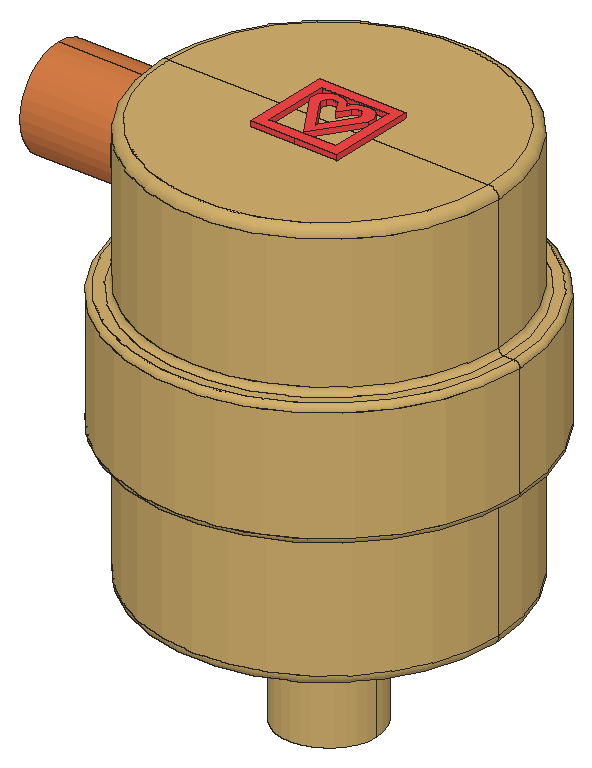
Revit family "Entlüfter 2630 10", category Rohrzubehör, Revit 2018
Family settings
  Bemaßung runder Anschluss = Durchmesser verwenden
  Teiletyp = Normal
  OmniClass-Nummer = 23.65.55.14
  OmniClass-Titel = Valves for Liquid Services
  Arbeitsebenenbasiert = Nein
  Immer vertikal = Ja
  Beim Laden mit Abzugskörper schneiden = Nein
  Gemeinsam genutzt = Nein
Parameters
  Schwimmer = "Polypropylen"  # constant formula
  SCRNSEQ = "AWI;AWI_TYP=\"1013\";1"
  SCRNCODE = "05;14;01"  # constant formula
  S03 = 24.500 mm  # constant formula
  S02 = 11.000 mm  # constant formula
  S01 = 56.000 mm  # constant formula
  Min.Betriebstemperatur = 0 °C  # constant formula
  Max.Sturkturdruck = 1000000.0 Pa  # constant formula
  Max.Betriebstemperatur = 110 °C  # constant formula
  URL = "www.herz-armaturen.at"
  R02 = 0.600 mm  # constant formula
  R01 = 1.000 mm  # constant formula
  Nennweite [instance] = 10.000 mm  # constant formula
  Medium = "Heizungswasser nach ÖNORM H5195 oder VDI- Richtlinie 2035. Die Verwendung von Ethylen- oder Propyleneglykol in einem Mischungsverhältnis von 25 - 50% ist zulässig. EPDM-Dichtungen können durch Mineralöle und Schmiermittel beeinflusst werden, was zum Versagen der EPDM-Dichtungen führen kann. Bitte beachten Sie die Dokumentation des Herstellers, wenn Ethylenglykol-Produkte für den Frost- und Korrosionsschutz verwendet werden."
  Max.Betriebsdruck = 1000000.0 Pa  # constant formula
  L04 = L02 - L03  # 18.800 mm
  L03 = 9.500 mm  # constant formula
  L02 = 28.300 mm  # constant formula
  L01 = 4.000 mm  # constant formula
  Hersteller = "Herz-Armaturen GmbH"  # constant formula
  H08 = H00 - 1.000 mm  # 55.000 mm
  H07 = H00 - 7.500 mm  # 48.500 mm
  H06 = 2.500 mm  # constant formula
  H05 = 9.000 mm  # constant formula
  H04 = 14.500 mm  # constant formula
  H03 = 15.500 mm  # constant formula
  H02 = 13.000 mm  # constant formula
  H01 = 9.500 mm  # constant formula
  H00 = 56.000 mm  # constant formula
  Gehäuse = "geschmiedetes Messing nach EN 12165, CW617N"  # constant formula
  G1 [instance] = Nennweite / 2  # 5.000 mm
  Dichtung = "EPDM"  # constant formula
  Deckel = "geschmiedetes Messing nach EN 12165, CW617N"  # constant formula
  D06 = 3.400 mm  # constant formula
  D05 = 5.100 mm  # constant formula
  D04 = 12.500 mm  # constant formula
  D03 = 11.000 mm  # constant formula
  D02 = 20.000 mm  # constant formula
  D01 = 17.800 mm  # constant formula
  Bestellnummer [instance] = if(Nennweite = 10.000 mm, 1263010, 0)  # 1263010
  Aussenanschlussgewinde = "nach ISO 228"  # constant formula
  Anwendungsgebiet = "Der automatische Schnellentlüfter wird in Heizungs- und Kühlungssysteme zur Entlüftung der Anlage verwendet. Das Ventil sollte in der Nähe des Boilers oder am höchsten Punkt der Anlage installiert werden, um eine garantierte Entlüftung der Anlage an die Umgebung zu gewährleisten."
  Abdeckkappe = "ABS Kunststoff, Rot"  # constant formula
Reference planes
  plane 1 "Mitte (Vorne/hinten)": y = 0
  plane 2: z = 0
  plane 3 "Mitte (Links/rechts)": x = 0
Forms (mm)
  Revolve 1, solid, material "Messing", detail levels fine
    sketch origin (0, 0, 0) x (1, 0, 0) y (0, 0, 1)
      loop
        line (0, 56) -> (-16.8, 56)
        arc (-16.8, 56) -> (-17.507, 55.707) -> (-17.8, 55) r 1
        line (-17.8, 55) -> (-17.8, 41.1)
        arc (-17.8, 41.1) -> (-17.976, 40.676) -> (-18.4, 40.5) r 0.6
        line (-18.4, 40.5) -> (-19.4, 40.5)
        arc (-19.4, 40.5) -> (-19.824, 40.324) -> (-20, 39.9) r 0.6
        line (-20, 39.9) -> (-20, 28.1)
        arc (-20, 28.1) -> (-19.824, 27.676) -> (-19.4, 27.5) r 0.6
        line (-19.4, 27.5) -> (-18.4, 27.5)
        arc (-18.4, 27.5) -> (-17.976, 27.324) -> (-17.8, 26.9) r 0.6
        line (-17.8, 26.9) -> (-17.8, 14)
        arc (-17.8, 14) -> (-17.507, 13.293) -> (-16.8, 13) r 1
        line (-16.8, 13) -> (-13.8, 13) -> (-9, 9.5) -> (-5, 9.5) -> (-5, 0) -> (0, 0) -> (0, 56)
      axis (0, 56) -> (0, 0)
    angle from 0 to 360
  Revolve 2, solid, material "Messing", detail levels fine
    sketch origin (0, 0, 0) x (1, 0, 0) y (0, 0, 1)
      loop
        line (0, 48.5) -> (0, 51.9) -> (-18.8, 51.9) -> (-18.8, 48.5) -> (0, 48.5)
      axis (-18.8, 48.5) -> (0, 48.5)
    angle from 0 to 360
  Revolve 3, solid, material "Kunststoff-Orange", detail levels fine
    sketch origin (0, 0, 0) x (1, 0, 0) y (0, 0, 1)
      loop
        line (-28.3, 48.5) -> (-18.8, 48.5) -> (-18.8, 53.6) -> (-28.3, 53.6) -> (-28.3, 48.5)
      axis (-28.3, 48.5) -> (-18.8, 48.5)
    angle from 0 to 360
Lines and regions (mm)
  model lines, detail levels coarse+medium
    curve 1: line (0, 0, 56) -> (-12.587, 0, 43.413)
    curve 2: line (0, 0, 56) -> (12.587, 0, 43.413)
    curve 3: circle (0, 0, 31.5) r 11 normal (0, -1, 0)
    curve 4: line (0, 0, 42.5) -> (0, 0, 56)
    curve 5: line (0, 0, 20.5) -> (0, 0, 0)
    curve 6: line (0, 0, 56) -> (0, -12.587, 43.413)
    curve 7: line (0, 0, 56) -> (0, 12.587, 43.413)
    curve 8: circle (0, 0, 31.5) r 11 normal (1, 0, 0)
    curve 9: line (0, 56, 0) -> (-12.587, 43.413, 0)
    curve 10: line (0, 56, 0) -> (12.587, 43.413, 0)
    curve 11: circle (0, 31.5, 0) r 11 normal (0, 0, 1)
    curve 12: line (0, 42.5, 0) -> (0, 56, 0)
    curve 13: line (0, 20.5, 0) -> (0, 0, 0)
Dimensions and locks
  "H02": Revolve 1 sketch curve to Revolve 1 sketch curve
  "H03": Revolve 1 sketch curve to Revolve 1 sketch curve
  "H04": Revolve 1 sketch curve to Revolve 1 sketch curve
  "L01": Revolve 1 sketch curve to Revolve 1 sketch curve  (x2)
  "D01": Revolve 1 sketch curve to Revolve 1 sketch curve  (x2)
  "D02": Revolve 1 sketch curve to Revolve 1 sketch curve
  "H07": Revolve 2 sketch curve to plane 2
  "D06": Revolve 2 sketch curve to Revolve 2 sketch curve
  "L02": plane 3 "Mitte (Links/rechts)" to Revolve 3 sketch curve
  "L03": Revolve 3 sketch curve to Revolve 3 sketch curve
  "D05": Revolve 3 sketch curve to Revolve 3 sketch curve
  "H07": Revolve 3 sketch curve to plane 2
  "L04": plane 3 "Mitte (Links/rechts)" to Revolve 2 sketch curve
  "H08": nested 1 to plane 2
  "G1": Revolve 1 sketch curve to Revolve 1 sketch curve
  "H00": Revolve 1 sketch curve to Revolve 1 sketch curve
  "H01": Revolve 1 sketch curve to Revolve 1 sketch curve
  "S01": curve 2 to plane 2
  "D01": curve 1 to curve 4
  "D01": curve 2 to curve 2
  "S03": curve 4 to curve 3
  "D01": curve 6 to curve 6
  "D01": curve 7 to curve 7
  "S03": curve 7 to curve 8
  "S01": curve 7 to plane 2
  "S01": plane 1 "Mitte (Vorne/hinten)" to curve 12
  "S03": curve 12 to curve 11
  "D01": curve 9 to curve 9
  "D01": curve 10 to curve 10
  "R01": radius of Revolve 1 sketch curve  (x2)
  "R02": radius of Revolve 1 sketch curve  (x4)
  "S02": radius of curve 3
  "S02": radius of curve 8
  "S02": radius of curve 11
  angle curve 1 to curve 4 = 45.00°
  angle curve 4 to curve 2 = 45.00°
  angle curve 6 to plane 1 "Mitte (Vorne/hinten)" = 45.00°
  angle plane 1 "Mitte (Vorne/hinten)" to curve 7 = 45.00°
  angle curve 9 to curve 12 = 45.00°
  angle curve 12 to curve 10 = 45.00°
  aligned and locked: level to plane 2
Automatic sketch dimensions
  curve 7 to plane 1 "Mitte (Vorne/hinten)" = 0.000 mm
  curve 8 to plane 1 "Mitte (Vorne/hinten)" = 0.000 mm
  curve 1 to plane 3 "Mitte (Links/rechts)" = 0.000 mm
  curve 5 to plane 3 "Mitte (Links/rechts)" = 0.000 mm
  curve 3 to plane 3 "Mitte (Links/rechts)" = 0.000 mm
  curve 5 to level = 0.000 mm
  curve 9 to plane 3 "Mitte (Links/rechts)" = 0.000 mm
  curve 13 to plane 3 "Mitte (Links/rechts)" = 0.000 mm
  curve 11 to plane 3 "Mitte (Links/rechts)" = 0.000 mm
  plane 1 "Mitte (Vorne/hinten)" to curve 13 = 0.000 mm
  Revolve 1 sketch curve to level = 0.000 mm
  Revolve 1 sketch curve to plane 3 "Mitte (Links/rechts)" = 0.000 mm
  plane 3 "Mitte (Links/rechts)" to Revolve 1 sketch curve = 0.000 mm
  Revolve 1 sketch curve to Revolve 1 sketch curve = 2000.000 mm
  Revolve 1 sketch curve to Revolve 1 sketch curve = 1932.500 mm
  Revolve 2 sketch curve to plane 3 "Mitte (Links/rechts)" = 0.000 mm  (x2)
  Revolve 2 sketch curve to Revolve 2 sketch curve = 0.000 mm  (x2)
  Revolve 3 sketch curve to Revolve 3 sketch curve = 0.000 mm  (x3)
Nested families
  nested 1: "Herz-Logo" at (0, 0, 55), type "Herz-Logo", detail levels fine
Connectors
  piping at (0, 0, 0), diameter 10, driven by "Nennweite"
    settings: on Revolve 1, index 1, connector inside diameter 609.6 mm, connector length 0.000 mm, flow factor 0, pipe flow 0.0 L/s, pressure drop 0.0 Pa, fitting loss kfactor 0, connector angle 0.00°, fixture units 0, engagement length 0.000 mm, angle of deflection 0.00°, flow configuration 0, flow direction 1, fitting loss method 0, system type 29, joint type 0, gender type 0, connector reference index -1, connector utility 0, adjustable connector no, is connector primary yes, connector description ""
Definition of nested family "Herz-Logo"
  Reference planes
    plane 1 "Mitte (Vorne/hinten)": y = 0
    plane 2: z = 0
    plane 3 "Mitte (Links/rechts)": x = 0
  Forms (mm)
    Extrusion 1, solid
      sketch origin (0, 0, 0) x (1, 0, 0) y (0, 1, 0)
        loop
          line (-0.018, -4.517) -> (4.482, -4.517) -> (4.482, 4.483) -> (-4.518, 4.483) -> (-4.518, -4.517) -> (-0.018, -4.517)
        loop
          line (-0.05, -3.48) -> (3.482, -3.48) -> (3.482, 3.483) -> (-3.518, 3.483) -> (-3.518, -3.48) -> (-0.05, -3.48)
        loop
          arc (-0.018, 2.383) -> (-1.543, 3.287) -> (-3.067, 2.383) r 1.738
          arc (-3.067, 2.383) -> (-3.191, 1.899) -> (-3.067, 1.415) r 1.009
          line (-3.067, 1.415) -> (-0.018, -3.281) -> (3.032, 1.415)
          arc (3.032, 1.415) -> (3.156, 1.899) -> (3.032, 2.383) r 1.009
          arc (3.032, 2.383) -> (1.507, 3.287) -> (-0.018, 2.383) r 1.738
        loop
          arc (1.885, 1.272) -> (2.005, 1.675) -> (1.885, 2.079) r 0.74
          arc (1.885, 2.079) -> (1.265, 2.416) -> (0.644, 2.079) r 0.74
          line (0.644, 2.079) -> (-0.018, 0.97) -> (-0.679, 2.079)
          arc (-0.679, 2.079) -> (-1.3, 2.416) -> (-1.921, 2.079) r 0.74
          arc (-1.921, 2.079) -> (-2.04, 1.675) -> (-1.921, 1.272) r 0.74
          line (-1.921, 1.272) -> (-0.018, -1.658) -> (1.885, 1.272)
      from 0 to 1.5
  Dimensions and locks
    aligned and locked: level to plane 2
